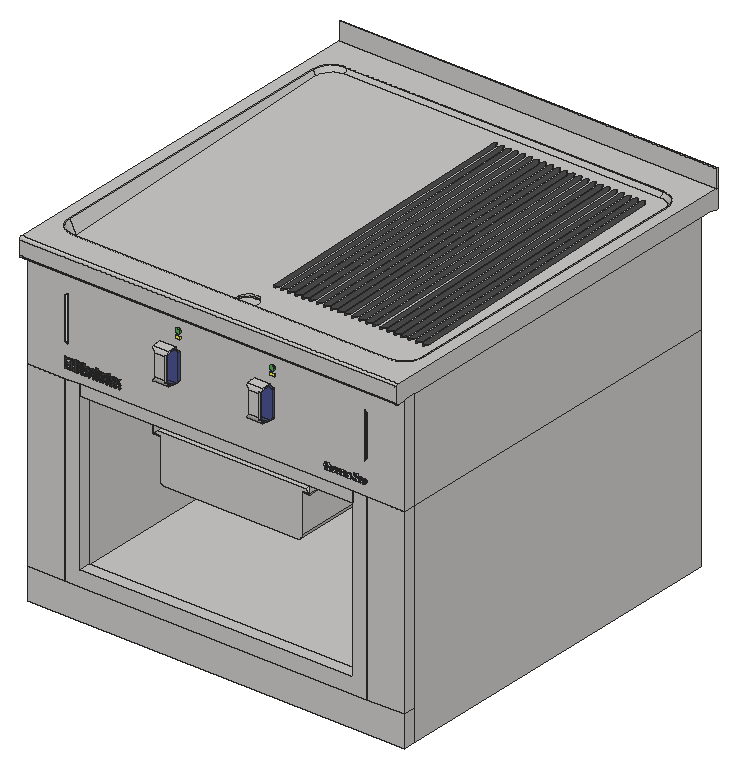
Revit family "QF_ELECTROLUXPROFESSIONAL_588674_MBHFGBHDAO", category Attrezzature speciali, Revit 2020 (continued)
Definition of nested family "Front_Panel_W800_2 Knobs_2Spie"
  Definition of nested family "ELX_Professional_Logo_Small"
    Forms (mm)
      Extrusion 2, solid, material <- "Material_Logo"
        sketch origin (15.5, 0, 0) x (1, 0, 0) y (0, 1, 0)
          loop
            arc (-7.944, -6.189) -> (-8.202, -6.5) -> (-8.317, -6.888) r 1.013
            arc (-8.317, -6.888) -> (-8.306, -7.341) -> (-8.192, -7.78) r 1.985
            arc (-8.192, -7.78) -> (-7.749, -8.259) -> (-7.171, -8.563) r 1.928
            arc (-7.171, -8.563) -> (-6.637, -8.779) -> (-6.131, -9.056) r 5.041
            arc (-6.131, -9.056) -> (-5.934, -9.387) -> (-6.09, -9.74) r 0.42
            arc (-6.09, -9.74) -> (-6.631, -9.96) -> (-7.204, -9.845) r 1.016
            arc (-7.204, -9.845) -> (-7.625, -9.603) -> (-7.889, -9.196) r 1.033
            line (-7.889, -9.196) -> (-8.67, -9.686)
            arc (-8.67, -9.686) -> (-8.361, -10.198) -> (-7.908, -10.589) r 1.914
            arc (-7.908, -10.589) -> (-7.334, -10.834) -> (-6.714, -10.896) r 2.063
            arc (-6.714, -10.896) -> (-5.947, -10.743) -> (-5.256, -10.376) r 2.696
            arc (-5.256, -10.376) -> (-4.95, -9.565) -> (-5.108, -8.712) r 1.618
            arc (-5.108, -8.712) -> (-5.448, -8.319) -> (-5.884, -8.035) r 1.876
            arc (-5.884, -8.035) -> (-6.434, -7.789) -> (-6.999, -7.577) r 9.883
            arc (-6.999, -7.577) -> (-7.325, -7.07) -> (-6.854, -6.694) r 0.45
            arc (-6.854, -6.694) -> (-6.329, -6.809) -> (-5.909, -7.143) r 1.197
          loop
            line (1.61, -7.143) -> (2.345, -6.638)
            arc (2.345, -6.638) -> (1.663, -5.974) -> (0.737, -5.755) r 1.782
            arc (0.737, -5.755) -> (0.121, -5.878) -> (-0.425, -6.189) r 1.974
            arc (-0.425, -6.189) -> (-0.683, -6.5) -> (-0.799, -6.888) r 1.013
            arc (-0.799, -6.888) -> (-0.788, -7.341) -> (-0.674, -7.78) r 1.985
            arc (-0.674, -7.78) -> (-0.231, -8.259) -> (0.347, -8.563) r 1.928
            arc (0.347, -8.563) -> (0.881, -8.779) -> (1.387, -9.056) r 5.041
            arc (1.387, -9.056) -> (1.584, -9.387) -> (1.428, -9.74) r 0.42
            arc (1.428, -9.74) -> (0.887, -9.96) -> (0.314, -9.845) r 1.016
            arc (0.314, -9.845) -> (-0.107, -9.603) -> (-0.371, -9.196) r 1.033
            line (-0.371, -9.196) -> (-1.152, -9.686)
            arc (-1.152, -9.686) -> (-0.842, -10.198) -> (-0.39, -10.589) r 1.914
            arc (-0.39, -10.589) -> (0.184, -10.834) -> (0.804, -10.896) r 2.063
            arc (0.804, -10.896) -> (1.572, -10.743) -> (2.263, -10.376) r 2.696
            arc (2.263, -10.376) -> (2.568, -9.565) -> (2.411, -8.712) r 1.618
            arc (2.411, -8.712) -> (2.07, -8.319) -> (1.635, -8.035) r 1.876
            arc (1.635, -8.035) -> (1.084, -7.789) -> (0.519, -7.577) r 9.883
            arc (0.519, -7.577) -> (0.193, -7.07) -> (0.665, -6.694) r 0.45
            arc (0.665, -6.694) -> (1.189, -6.809) -> (1.61, -7.143) r 1.197
          loop
            line (6.801, -5.837) -> (6.801, -10.814) -> (7.825, -10.814) -> (7.825, -5.837) -> (6.801, -5.837)
          loop
            circle (14.724, -8.325) r 1.548
          loop
            circle (14.724, -8.325) r 2.585
          loop
            line (21.59, -10.814) -> (22.623, -10.814) -> (22.623, -7.685) -> (24.9, -10.814) -> (25.895, -10.814) -> (25.895, -5.837) -> (24.861, -5.837) -> (24.861, -9.061) -> (22.585, -5.837) -> (21.59, -5.837) -> (21.59, -10.814)
          loop
            line (31.054, -10.814) -> (31.539, -9.74) -> (33.38, -9.74) -> (33.865, -10.814) -> (34.965, -10.814) -> (32.46, -5.837) -> (29.956, -10.814) -> (31.054, -10.814)
          loop
            line (32.46, -7.698) -> (31.999, -8.719) -> (32.921, -8.719) -> (32.46, -7.698)
          loop
            line (40.047, -9.873) -> (40.047, -5.837) -> (39.024, -5.837) -> (39.024, -10.814) -> (41.961, -10.814) -> (41.961, -9.873) -> (40.047, -9.873)
          loop
            line (-74.986, -10.814) -> (-53.322, -10.814) -> (-53.322, 10.82) -> (-74.986, 10.82) -> (-74.986, -10.814)
          loop
            line (-61.261, 9.758) -> (-61.261, -9.707)
            arc (-61.261, -9.707) -> (-54.066, 0.025) -> (-61.261, 9.758) r 10.18
          loop
            line (-62.251, 8.349) -> (-62.251, 9.758)
            arc (-62.251, 9.758) -> (-70.347, 7.918) -> (-74.247, 0.59) r 9.976
            line (-74.247, 0.59) -> (-71.026, 0.59)
            arc (-71.026, 0.59) -> (-65.274, 2.925) -> (-62.251, 8.349) r 9.351
          loop
            arc (-74.247, -0.539) -> (-70.353, -7.928) -> (-62.251, -9.957) r 10.237
            line (-62.251, -9.957) -> (-62.251, -8.298)
            arc (-62.251, -8.298) -> (-65.274, -2.874) -> (-71.026, -0.539) r 9.351
            line (-71.026, -0.539) -> (-74.247, -0.539)
        from 0 to 1.644
    Dimensions and locks
      aligned and locked: plane 2 to Extrusion 1
      aligned and locked: level to Extrusion 1
Definition of nested family "Rib_D12"
  Parameters
    Show Clearance [instance] = yes
    Model = ""
    Lenght [instance] = 588 mm
    Default Elevation = 0 mm
  Reference planes
    plane 1 "Center (Front/Back)": y = -11.07
    plane 2: z = 0
    plane 3 "Center (Left/Right)": x = 0
    plane 4 "Back": y = 282.93
    plane 5 "Front": y = -305.07
  Forms (mm)
    Extrusion 1, solid
      sketch origin (0, -919.2, 0) x (1, 0, 0) y (0, 1, 0)
        loop
          line (-198.75, 1399.2) -> (-198.75, 386.445) -> (165.741, 386.445) -> (165.741, 1399.2) -> (-198.75, 1399.2)
      from 0 to -59.546
    Extrusion 2, solid
      sketch origin (0, -11.07, -267.484) x (1, 0, 0) y (0, 0, 1)
        loop
          line (-6, 267.484) -> (6, 267.484)
          arc (6, 267.484) -> (0, 269.184) -> (-6, 267.484) r 11.438
      from -294 to 294
    Extrusion 3, void
      sketch origin (0, 0, 0) x (1, 0, 0) y (0, 1, 0)
        loop
          line (-6, 274.93) -> (-2.484, 281.02)
          arc (-2.484, 281.02) -> (0, 282.454) -> (2.484, 281.02) r 2.868
          line (2.484, 281.02) -> (6, 274.93) -> (6, 282.93) -> (-6, 282.93) -> (-6, 274.93)
        loop
          line (-6, -297.07) -> (-6, -305.07) -> (6, -305.07) -> (6, -297.07) -> (2.484, -303.16)
          arc (2.484, -303.16) -> (0, -304.594) -> (-2.484, -303.16) r 2.868
          line (-2.484, -303.16) -> (-6, -297.07)
      from 0 to 2
  Cuts and joins
    Extrusion 3 cuts Extrusion 2
  Lines and regions (mm)
    symbolic lines
      curve 1: line (64.247, -11.07, 0) -> (64.247, -11.07, 4)
      curve 2: line (64.247, -11.07, 4) -> (-64.765, -11.07, 4)
      curve 3: line (-64.765, -11.07, 4) -> (-64.765, -11.07, 0)
      curve 4: line (-40, -11.07, 8) -> (-40, -11.07, 4)
      curve 5: line (40, -11.07, 8) -> (40, -11.07, 4)
      curve 6: line (40, -11.07, 8) -> (-40, -11.07, 8)
      curve 7: line (6, -297.07, 0) -> (6, 274.93, 0)
      curve 8: line (-6, 274.93, 0) -> (-6, -297.07, 0)
      curve 9: line (-6, 274.93, 0) -> (-2.484, 281.02, 0)
      curve 10: line (2.484, 281.02, 0) -> (6, 274.93, 0)
      curve 11: arc (-2.484, 281.02, 0) -> (0, 282.454, 0) -> (2.484, 281.02, 0) r 2.868
      curve 12: line (-2.484, -303.16, 0) -> (-6, -297.07, 0)
      curve 13: arc (2.484, -303.16, 0) -> (0, -304.594, 0) -> (-2.484, -303.16, 0) r 2.868
      curve 14: line (6, -297.07, 0) -> (2.484, -303.16, 0)
  Dimensions and locks
    "Lenght": plane 4 "Back" to plane 5 "Front"
    equal spacing: plane 4 "Back", plane 1 "Center (Front/Back)", plane 5 "Front"
    aligned and locked: plane 2 to Extrusion 1
    aligned and locked: level to Extrusion 1
    aligned and locked: plane 4 "Back" to Extrusion 2
    aligned and locked: Extrusion 2 to plane 5 "Front"
  Automatic sketch dimensions
    curve 3 to level = 0 mm
    curve 1 to level = 0 mm
    level to curve 3 = 4 mm
    curve 3 to plane 3 "Center (Left/Right)" = 64.765 mm
    level to curve 6 = 8 mm
    curve 2 to curve 6 = 24.765 mm
    plane 3 "Center (Left/Right)" to curve 5 = 40 mm
    curve 5 to curve 1 = 24.247 mm
    Extrusion 1 sketch curve to Extrusion 1 sketch curve = 364.491 mm
    Extrusion 1 sketch curve to Extrusion 1 sketch curve = 1012.755 mm
    Extrusion 3 sketch curve to plane 3 "Center (Left/Right)" = 0 mm  (x2)
    Extrusion 3 sketch curve to plane 3 "Center (Left/Right)" = 2.484 mm  (x2)
    Extrusion 3 sketch curve to plane 3 "Center (Left/Right)" = 6 mm
    Extrusion 3 sketch curve to Extrusion 3 sketch curve = 3.516 mm  (x2)
    plane 3 "Center (Left/Right)" to Extrusion 3 sketch curve = 2.484 mm  (x2)
    plane 3 "Center (Left/Right)" to Extrusion 3 sketch curve = 6 mm
    plane 5 "Front" to Extrusion 3 sketch curve = 0 mm
    Extrusion 3 sketch curve to Extrusion 3 sketch curve = 1.91 mm  (x2)
    Extrusion 3 sketch curve to Extrusion 3 sketch curve = 1.434 mm  (x2)
    Extrusion 3 sketch curve to Extrusion 3 sketch curve = 6.09 mm  (x2)
    Extrusion 3 sketch curve to plane 4 "Back" = 8 mm
    Extrusion 3 sketch curve to Extrusion 3 sketch curve = 0 mm
    Extrusion 3 sketch curve to Extrusion 3 sketch curve = 4.656 mm
    curve 9 to plane 3 "Center (Left/Right)" = 6 mm
    curve 8 to plane 4 "Back" = 8 mm
    curve 9 to plane 3 "Center (Left/Right)" = 2.484 mm
    plane 3 "Center (Left/Right)" to curve 7 = 6 mm
    plane 5 "Front" to curve 8 = 8 mm
    plane 5 "Front" to curve 7 = 8 mm
    curve 7 to plane 4 "Back" = 8 mm
    curve 9 to plane 4 "Back" = 1.91 mm
    plane 3 "Center (Left/Right)" to curve 10 = 2.484 mm
    curve 10 to plane 4 "Back" = 1.91 mm
    curve 11 to curve 9 = 1.434 mm
    curve 12 to plane 3 "Center (Left/Right)" = 2.484 mm
    plane 5 "Front" to curve 12 = 1.91 mm
    curve 13 to plane 3 "Center (Left/Right)" = 0 mm
    curve 13 to curve 13 = 1.434 mm
    plane 5 "Front" to curve 13 = 1.91 mm
    Extrusion 2 sketch curve to plane 3 "Center (Left/Right)" = 0 mm
    Extrusion 2 sketch curve to plane 3 "Center (Left/Right)" = 6 mm
    Extrusion 2 sketch curve to level = 9.738 mm
    Extrusion 2 sketch curve to Extrusion 2 sketch curve = 9.738 mm
Definition of nested family "QF_ELECTROLUXPROFESSIONAL_588643_MB1NCAHOOO"
  Parameters
    Weight in Pounds = 143.3
    URL Cutsheet = ""
    Type Mark [instance] = ""
    Specification by User [instance] = ""
    Specification by Manufacturer = ""
    Serial Number = ""
    Seismic Rating = ""
    SMACNA No = ""
    Revision Code [instance] = ""
    Default Elevation = 0 mm
    Omniclass Number and Title = ""
    NAFEM Spec ID Number = ""
    Model = "588643"
    Masterspec = ""
    Manufacturer = "Electrolux Professional"
    Item Number [instance] = ""
    Installed By [instance] = ""
    Identify Quantity as Lot [instance] = yes
    Furnished By [instance] = ""
    Foodservice Equipment Identifier [instance] = yes
    Description = ""
    CSI MasterFormat = ""
    CSI Master Format = ""
  Reference planes
    plane 1 "BACK": y = 0
    plane 2: z = 0
    plane 3 "LEFT": x = 0
    plane 4 "RIGHT": x = 800
    plane 5 "FRONT": y = -850
    plane 6 "PLAIN": z = 900
    plane 7 "Center (Left/Right)": x = 400
    plane 8 "Center (Front/Back)": y = -425
    plane 9 "TOP": z = 650
    plane 10 "BASE": z = 200
    plane 11: x = 722
    plane 12: x = 78
    plane 13 "Feet_back": y = -150
    plane 14 "Feet_Front": y = -720
    plane 15: x = 80
    plane 16: x = 720
    plane 17: z = 265
    plane 18: y = -45
    plane 19: y = -805
    plane 20: y = -70
    plane 21: y = -830
    plane 22 "ButtonZ": z = 590
  Forms (mm)
    Extrusion 1, solid
      sketch origin (0, 0, 650) x (0, 1, 0) y (0, 0, 1)
        loop
          line (-45, -450) -> (-45, 0) -> (-805, 0) -> (-805, -450) -> (-45, -450)
      from 0 to 800
    Extrusion 2, solid
      sketch origin (0, 0, 650) x (0, 1, 0) y (0, 0, 1)
        loop
          line (-830, -450) -> (-805, -450) -> (-805, -385) -> (-830, -385) -> (-830, -450)
      from 0 to 800
    Extrusion 3, void
      sketch origin (0, -850, 0) x (1, 0, 0) y (0, 0, 1)
        loop
          line (80, 650) -> (80, 265) -> (720, 265) -> (720, 650) -> (80, 650)
      from 0 to -780
    Extrusion 4, solid
      sketch origin (0, -850, 0) x (1, 0, 0) y (0, 0, 1)
        loop
          line (110, 650) -> (110, 627) -> (690, 627) -> (690, 650) -> (110, 650)
      from -20 to -805
    Extrusion 5, solid
      sketch origin (0, -850, 0) x (1, 0, 0) y (0, 0, 1)
        loop
          line (80, 650) -> (80, 265) -> (720, 265) -> (720, 650) -> (690, 650) -> (690, 295) -> (110, 295) -> (110, 650) -> (80, 650)
      from -45 to -780
    Extrusion 6, solid
      sketch origin (0, -850, 0) x (1, 0, 0) y (0, 0, 1)
        loop
          line (0, 650) -> (0, 265) -> (80, 265) -> (80, 650) -> (0, 650)
      from -20 to -45
    Extrusion 7, solid
      sketch origin (0, -850, 0) x (1, 0, 0) y (0, 0, 1)
        loop
          line (720, 650) -> (720, 265) -> (800, 265) -> (800, 650) -> (720, 650)
      from -20 to -45
    Extrusion 8, solid
      sketch origin (85, -850, 0) x (1, 0, 0) y (0, 0, 1)
        loop
          line (-5, 650) -> (-5, 265) -> (635, 265) -> (635, 650) -> (605, 650) -> (605, 297) -> (25, 297) -> (25, 650) -> (-5, 650)
      from -20 to -45
  Cuts and joins
    Extrusion 3 cuts Extrusion 1
    joined: Extrusion 1, Extrusion 4, Extrusion 5
  Lines and regions (mm)
    symbolic lines
      curve 1: line (0, 0, 0) -> (800, 0, 0)
      curve 2: line (0, -850, 0) -> (0, 0, 0)
      curve 3: line (800, -850, 0) -> (0, -850, 0)
      curve 4: line (800, 0, 0) -> (800, -850, 0)
  Dimensions and locks
    plane 3 "LEFT" to plane 4 "RIGHT" = 800 mm
    plane 5 "FRONT" to plane 1 "BACK" = 850 mm
    equal spacing: plane 3 "LEFT", plane 7 "Center (Left/Right)", plane 4 "RIGHT"
    equal spacing: plane 5 "FRONT", plane 8 "Center (Front/Back)", plane 1 "BACK"
    plane 6 "PLAIN" to plane 9 "TOP" = 250 mm
    plane 10 "BASE" to level = 200 mm
    plane 9 "TOP" to plane 10 "BASE" = 450 mm
    locked: plane 1 "BACK" to plane 13 "Feet_back" at 150
    locked: plane 14 "Feet_Front" to plane 5 "FRONT" at 130
    locked: plane 12 to plane 3 "LEFT" at 78
    locked: plane 11 to plane 4 "RIGHT" at 78
    plane 16 to plane 15 = 640 mm
    equal spacing: plane 16, plane 7 "Center (Left/Right)", plane 15
    locked: plane 17 to plane 10 "BASE" at 65
    locked: plane 1 "BACK" to plane 18 at 45
    plane 9 "TOP" to Extrusion 4 sketch curve = 23 mm
    locked: Extrusion 4 sketch curve to plane 15 at 30
    locked: plane 16 to Extrusion 4 sketch curve at 30
    locked: Extrusion 5 sketch curve to plane 17 at 30
    plane 6 "PLAIN" to level = 900 mm
    Extrusion 5 to Extrusion 5 = 580 mm
    locked: plane 18 to plane 20 at 25
    locked: plane 21 to plane 5 "FRONT" at 20
    locked: plane 19 to plane 21 at 25
    plane 18 to plane 21 = 785 mm
    plane 22 "ButtonZ" to level = 590 mm
    aligned and locked: level to plane 2
    aligned and locked: Extrusion 1 to plane 4 "RIGHT"
    aligned and locked: Extrusion 1 to plane 3 "LEFT"
    aligned and locked: Extrusion 2 to plane 4 "RIGHT"
    aligned and locked: plane 9 "TOP" to Extrusion 3 sketch curve
    aligned and locked: Extrusion 3 sketch curve to plane 15
    aligned and locked: plane 16 to Extrusion 3 sketch curve
    aligned and locked: Extrusion 2 to plane 10 "BASE"
    aligned and locked: Extrusion 2 to plane 17
    aligned and locked: plane 17 to Extrusion 3 sketch curve
    aligned and locked: Extrusion 4 to plane 18
    aligned and locked: Extrusion 5 sketch curve to plane 15
    aligned and locked: plane 16 to Extrusion 5 sketch curve
    aligned and locked: plane 9 "TOP" to Extrusion 5 sketch curve  (x2)
    aligned and locked: plane 17 to Extrusion 5 sketch curve
    aligned and locked: Extrusion 5 sketch curve to Extrusion 4  (x2)
    aligned and locked: Extrusion 6 sketch curve to plane 9 "TOP"
    aligned and locked: plane 3 "LEFT" to Extrusion 6 sketch curve
    aligned and locked: Extrusion 6 sketch curve to plane 17
    aligned and locked: Extrusion 6 sketch curve to plane 15
    aligned and locked: Extrusion 7 sketch curve to plane 9 "TOP"
    aligned and locked: plane 16 to Extrusion 7 sketch curve
    aligned and locked: Extrusion 7 sketch curve to plane 17
    aligned and locked: plane 4 "RIGHT" to Extrusion 7 sketch curve
    aligned and locked: Extrusion 5 to plane 20
    aligned and locked: cut or joined group of Extrusion 1, Extrusion 3, Extrusion 4, Extrusion 5 to plane 20
    aligned and locked: cut or joined group of Extrusion 1, Extrusion 3, Extrusion 4, Extrusion 5 to plane 18
    aligned and locked: Extrusion 6 to plane 19
    aligned and locked: plane 21 to Extrusion 6
    aligned and locked: plane 21 to Extrusion 7
    aligned and locked: Extrusion 7 to plane 19
    aligned and locked: Extrusion 2 to plane 19
    aligned and locked: plane 21 to Extrusion 2
    aligned and locked: plane 19 to cut or joined group of Extrusion 1, Extrusion 3, Extrusion 4, Extrusion 5
    aligned and locked: Extrusion 8 sketch curve to plane 16
    aligned and locked: plane 15 to Extrusion 8 sketch curve
    aligned and locked: Extrusion 8 sketch curve to plane 17
    aligned and locked: plane 21 to cut or joined group of Extrusion 1, Extrusion 3, Extrusion 4, Extrusion 5
  Automatic sketch dimensions
    curve 3 to plane 3 "LEFT" = 0 mm
    curve 3 to plane 4 "RIGHT" = 0 mm
    plane 5 "FRONT" to curve 3 = 0 mm
    plane 1 "BACK" to curve 2 = 0 mm
    Extrusion 1 sketch curve to plane 10 "BASE" = 0 mm
    plane 19 to Extrusion 1 sketch curve = 0 mm
    Extrusion 1 sketch curve to plane 18 = 0 mm
    Extrusion 1 sketch curve to plane 9 "TOP" = 0 mm
    plane 17 to Extrusion 2 sketch curve = 0 mm
    Extrusion 2 sketch curve to plane 21 = 0 mm
    Extrusion 2 sketch curve to plane 10 "BASE" = 0 mm
    Extrusion 2 sketch curve to plane 19 = 0 mm
    Extrusion 4 sketch curve to plane 9 "TOP" = 0 mm
    Extrusion 8 sketch curve to plane 9 "TOP" = 0 mm  (x2)
    plane 15 to Extrusion 8 sketch curve = 30 mm
    Extrusion 8 sketch curve to plane 16 = 30 mm
    Extrusion 8 sketch curve to plane 17 = 32 mm
